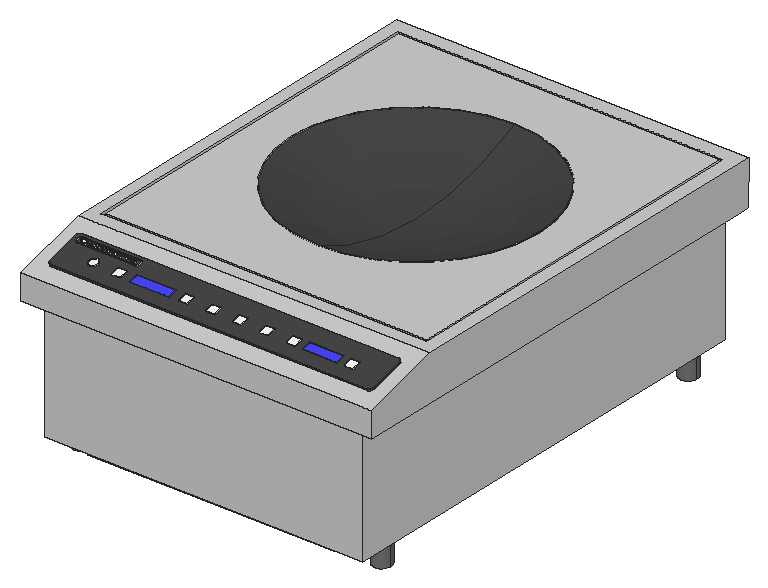
Revit family "QF_ADVENTYS_BTWIC_7000_250902083931", category Specialty Equipment, Revit 2021
Family settings
  Round Connector Dimension = Use Diameter
  Part Type = Normal
  OmniClass Number = 23.40.40.14
  OmniClass Title = Food Service Equipment
  Work Plane-Based = No
  Always vertical = Yes
  Cut with Voids When Loaded = No
  Shared = No
  Room Calculation Point = No
Parameters (values of type "ADV2150")
  Weight in Pounds [instance] = 0
  Weight = 10.00 kg
  Warranty Start Date [instance] = ""
  Warranty Duration [instance] = ""
  Volts [instance] = 440 V
  URL Recommended Spares List = ""
  URL Manufacturer = ""
  URL Cutsheet = ""
  URL Critical Spares List = ""
  URL = "www.adventys.com"
  Tag Number [instance] = ""
  Status [instance] = ""
  Specification by User [instance] = ""
  Specification by Manufacturer [instance] = ""
  Sound Level [instance] = ""
  Solid Fuel Type [instance] = ""
  Service Life Duration [instance] = ""
  Serial Number [instance] = ""
  Seismic Rating [instance] = ""
  SMACNA No [instance] = ""
  Revision Code [instance] = ""
  Revision [instance] = ""
  Production Year [instance] = ""
  Point Load [instance] = 0
  Phase [instance] = 1
  Other Equipment Approvals [instance] = ""
  Number of Poles [instance] = 1
  NAFEM Spec ID Number [instance] = ""
  Model Warning [instance] = ""
  Model = "BTWIC 7000"
  Min Ckt Ampacity [instance] = 0 A
  Max Overcurrent Protection [instance] = 25 A
  Masterspec [instance] = ""
  Manufacturer = "ADVENTYS"
  Length Actual = 392 mm
  Item Number [instance] = ""
  Installed By [instance] = ""
  Installation Date [instance] = ""
  Identify Quantity as Lot [instance] = no
  ID [instance] = ""
  Hygiene Approval [instance] = ""
  Hot Water Consumption = 0.0 L/s
  Height Actual = 206 mm
  HP power [instance] = ""
  Furnished By [instance] = ""
  Foodservice Equipment Identifier [instance] = no
  FL Amps [instance] = 16 A
  Electrical Remarks [instance] = "Plug not included"
  Electric power [instance] = 0 W
  Electric Connection Type [instance] = "Cord&Plug"
  Elec Conn RI Height [instance] = 0 mm
  Elec Conn Connection Height [instance] = 0 mm
  ETL Approved [instance] = no
  Description = "2.0 VERSION THREE-PHASE INDUCTION WOK"
  Depth Actual = 526 mm
  Default Elevation = 0 mm
  Cycle [instance] = 60 Hz
  Cost = 0
  Conn Plug [instance] = ""
  Conn Conduit [instance] = no
  CSI MasterFormat [instance] = ""
  CE Approved [instance] = no
  Barcode [instance] = 0
  Author [instance] = ""
  Asset Identifier [instance] = ""
  Apparent Power [instance] = 7000 VA
  Accessory = no
Reference planes
  plane 1 "Center (Front/Back)": y = 0
  plane 2: z = 0
  plane 3 "Center (Left/Right)": x = 0
Forms (mm)
  Extrusion 1, solid, not visible
    sketch origin (330.016, -72.004, 18.001) x (1, 0, 0) y (0, 1, 0)
      loop
        line (-2, 2) -> (-2, -2) -> (2, -2) -> (2, 2) -> (-2, 2)
    from -2 to 2
Dimensions and locks
  locked: nested 2 to Extrusion 1 at 2  (x2)
  aligned and locked: level to plane 2
Nested families
  nested 1: "QF_ADVENTYS_ADV2150_2916" at (0, 0, 0), type "ADV2150"
    with Status "", Show Logo yes, Show Clearance yes
  nested 2: "CONN_POINT_ELE_2D___Generic_Annotation" at (330.016, -72.004, 16.001), type "CONN_POINT_ELE_2D___Generic_Annotation"
    with Onboard connection annotation symbol visibility yes
Connectors
  electrical at (330.016, -72.004, 16.001), driven by "Apparent Power", driven by "Number of Poles", driven by "Volts"
    settings: on Extrusion 1, index 1, voltage 440 V, apparent load 0 VA, apparent load phase1 7000 VA, apparent load phase2 0 VA, apparent load phase3 0 VA, power factor 1, load classification "Other", number of poles 1, system type 31, power factor state 1, is connector primary yes, connector utility no, sub classification motor no, connector description "Electrical connection for BTWIC 7000"
Definition of nested family "QF_ADVENTYS_ADV2150_2916"
  Parameters (values of type "ADV2150")
    URL = "www.adventys.com"
    Status [instance] = ""
    Show Logo [instance] = yes
    Show Clearance [instance] = yes
    Model = "BTWIC 7000"
    Manufacturer = "ADVENTYS"
    Description = "2.0 VERSION THREE-PHASE INDUCTION WOK"
    Default Elevation = 0 mm
    Author = "SPECIFI"
    Assembly Code = "E1090320"
  Reference planes
    plane 1 "Back": y = 0
    plane 2: z = 0
    plane 3 "Left": x = 0
    plane 4 "Right": x = 392
    plane 5 "Front": y = -526
    plane 6 "Top": z = 206
  Forms (mm)
    Extrusion 1, solid
      sketch origin (0, -550, 28.399) x (0, 1, 0) y (0, 0, 1)
        loop
          line (105.13, 177.601) -> (24, 155.863) -> (24, 127.601) -> (539.79, 127.601) -> (550, 127.601) -> (550, 177.601) -> (105.13, 177.601)
      from 0 to 392
    Extrusion 2, void
      sketch origin (0, 550, 28.399) x (1, 0, 0) y (0, 1, 0)
        loop
          circle (195, -768.023) r 137.862
        loop
          line (13.2, -565.546) -> (13.2, -980.546) -> (377.593, -980.546) -> (377.593, -565.546) -> (13.2, -565.546)
        loop
          line (16.2, -568.546) -> (16.2, -977.546) -> (374.593, -977.546) -> (374.593, -568.546) -> (16.2, -568.546)
      from 139.493 to 177.601
    Revolve 3, solid
      sketch origin (195, -40.523, 96) x (0, 1, 0) y (0, 0, 1)
        loop
          line (-177.5, 76) -> (-177.5, 75)
          arc (-177.5, 75) -> (-106.519, 83.592) -> (-39.638, 108.871) r 297.5
          line (-39.638, 108.871) -> (-39.638, 110)
          arc (-39.638, 110) -> (-106.504, 84.625) -> (-177.5, 76) r 296.5
        axis (-177.5, 110) -> (-177.5, 75)
      angle from 0 to 360
    Extrusion 4, solid
      sketch origin (41, -114.666, 146.434) x (1, 0, 0) y (0, 0.965926, 0.258819)
        loop
          arc (-21, -323.032) -> (-24.536, -324.496) -> (-26, -328.032) r 5
          line (-26, -328.032) -> (-26, -363.032)
          arc (-26, -363.032) -> (-24.536, -366.568) -> (-21, -368.032) r 5
          line (-21, -368.032) -> (331, -368.032)
          arc (331, -368.032) -> (334.536, -366.568) -> (336, -363.032) r 5
          line (336, -363.032) -> (336, -328.032)
          arc (336, -328.032) -> (334.536, -324.496) -> (331, -323.032) r 5
          line (331, -323.032) -> (-21, -323.032)
        loop
          circle (10.799, -348.029) r 5
        loop
          line (34.385, -344.032) -> (34.385, -352.032)
          arc (34.385, -352.032) -> (34.678, -352.739) -> (35.385, -353.032) r 1
          line (35.385, -353.032) -> (43.385, -353.032)
          arc (43.385, -353.032) -> (44.092, -352.739) -> (44.385, -352.032) r 1
          line (44.385, -352.032) -> (44.385, -344.032)
          arc (44.385, -344.032) -> (44.092, -343.325) -> (43.385, -343.032) r 1
          line (43.385, -343.032) -> (35.385, -343.032)
          arc (35.385, -343.032) -> (34.678, -343.325) -> (34.385, -344.032) r 1
        loop
          line (109.385, -344.032) -> (109.385, -352.032)
          arc (109.385, -352.032) -> (109.678, -352.739) -> (110.385, -353.032) r 1
          line (110.385, -353.032) -> (118.385, -353.032)
          arc (118.385, -353.032) -> (119.092, -352.739) -> (119.385, -352.032) r 1
          line (119.385, -352.032) -> (119.385, -344.032)
          arc (119.385, -344.032) -> (119.092, -343.325) -> (118.385, -343.032) r 1
          line (118.385, -343.032) -> (110.385, -343.032)
          arc (110.385, -343.032) -> (109.678, -343.325) -> (109.385, -344.032) r 1
        loop
          line (139.385, -344.032) -> (139.385, -352.032)
          arc (139.385, -352.032) -> (139.678, -352.739) -> (140.385, -353.032) r 1
          line (140.385, -353.032) -> (148.385, -353.032)
          arc (148.385, -353.032) -> (149.092, -352.739) -> (149.385, -352.032) r 1
          line (149.385, -352.032) -> (149.385, -344.032)
          arc (149.385, -344.032) -> (149.092, -343.325) -> (148.385, -343.032) r 1
          line (148.385, -343.032) -> (140.385, -343.032)
          arc (140.385, -343.032) -> (139.678, -343.325) -> (139.385, -344.032) r 1
        loop
          line (169.385, -344.032) -> (169.385, -352.032)
          arc (169.385, -352.032) -> (169.678, -352.739) -> (170.385, -353.032) r 1
          line (170.385, -353.032) -> (178.385, -353.032)
          arc (178.385, -353.032) -> (179.092, -352.739) -> (179.385, -352.032) r 1
          line (179.385, -352.032) -> (179.385, -344.032)
          arc (179.385, -344.032) -> (179.092, -343.325) -> (178.385, -343.032) r 1
          line (178.385, -343.032) -> (170.385, -343.032)
          arc (170.385, -343.032) -> (169.678, -343.325) -> (169.385, -344.032) r 1
        loop
          line (199.385, -344.032) -> (199.385, -352.032)
          arc (199.385, -352.032) -> (199.678, -352.739) -> (200.385, -353.032) r 1
          line (200.385, -353.032) -> (208.385, -353.032)
          arc (208.385, -353.032) -> (209.092, -352.739) -> (209.385, -352.032) r 1
          line (209.385, -352.032) -> (209.385, -344.032)
          arc (209.385, -344.032) -> (209.092, -343.325) -> (208.385, -343.032) r 1
          line (208.385, -343.032) -> (200.385, -343.032)
          arc (200.385, -343.032) -> (199.678, -343.325) -> (199.385, -344.032) r 1
        loop
          line (229.385, -344.032) -> (229.385, -352.032)
          arc (229.385, -352.032) -> (229.678, -352.739) -> (230.385, -353.032) r 1
          line (230.385, -353.032) -> (238.385, -353.032)
          arc (238.385, -353.032) -> (239.092, -352.739) -> (239.385, -352.032) r 1
          line (239.385, -352.032) -> (239.385, -344.032)
          arc (239.385, -344.032) -> (239.092, -343.325) -> (238.385, -343.032) r 1
          line (238.385, -343.032) -> (230.385, -343.032)
          arc (230.385, -343.032) -> (229.678, -343.325) -> (229.385, -344.032) r 1
        loop
          line (294.385, -344.032) -> (294.385, -352.032)
          arc (294.385, -352.032) -> (294.678, -352.739) -> (295.385, -353.032) r 1
          line (295.385, -353.032) -> (303.385, -353.032)
          arc (303.385, -353.032) -> (304.092, -352.739) -> (304.385, -352.032) r 1
          line (304.385, -352.032) -> (304.385, -344.032)
          arc (304.385, -344.032) -> (304.092, -343.325) -> (303.385, -343.032) r 1
          line (303.385, -343.032) -> (295.385, -343.032)
          arc (295.385, -343.032) -> (294.678, -343.325) -> (294.385, -344.032) r 1
        loop
          line (247.896, -343.032) -> (247.896, -353.032) -> (285.857, -353.032) -> (285.857, -343.032) -> (247.896, -343.032)
        loop
          line (55.396, -343.032) -> (55.396, -353.032) -> (98.982, -353.032) -> (98.982, -343.032) -> (55.396, -343.032)
      from 143 to 145
    Extrusion 5, solid
      sketch origin (41, -114.666, 146.434) x (1, 0, 0) y (0, 0.965926, 0.258819)
        loop
          circle (10.635, -348.032) r 5
        loop
          arc (35.385, -343.032) -> (34.678, -343.325) -> (34.385, -344.032) r 1
          line (34.385, -344.032) -> (34.385, -352.032)
          arc (34.385, -352.032) -> (34.678, -352.739) -> (35.385, -353.032) r 1
          line (35.385, -353.032) -> (43.385, -353.032)
          arc (43.385, -353.032) -> (44.092, -352.739) -> (44.385, -352.032) r 1
          line (44.385, -352.032) -> (44.385, -344.032)
          arc (44.385, -344.032) -> (44.092, -343.325) -> (43.385, -343.032) r 1
          line (43.385, -343.032) -> (35.385, -343.032)
        loop
          arc (110.385, -343.032) -> (109.678, -343.325) -> (109.385, -344.032) r 1
          line (109.385, -344.032) -> (109.385, -352.032)
          arc (109.385, -352.032) -> (109.678, -352.739) -> (110.385, -353.032) r 1
          line (110.385, -353.032) -> (118.385, -353.032)
          arc (118.385, -353.032) -> (119.092, -352.739) -> (119.385, -352.032) r 1
          line (119.385, -352.032) -> (119.385, -344.032)
          arc (119.385, -344.032) -> (119.092, -343.325) -> (118.385, -343.032) r 1
          line (118.385, -343.032) -> (110.385, -343.032)
        loop
          arc (140.385, -343.032) -> (139.678, -343.325) -> (139.385, -344.032) r 1
          line (139.385, -344.032) -> (139.385, -352.032)
          arc (139.385, -352.032) -> (139.678, -352.739) -> (140.385, -353.032) r 1
          line (140.385, -353.032) -> (148.385, -353.032)
          arc (148.385, -353.032) -> (149.092, -352.739) -> (149.385, -352.032) r 1
          line (149.385, -352.032) -> (149.385, -344.032)
          arc (149.385, -344.032) -> (149.092, -343.325) -> (148.385, -343.032) r 1
          line (148.385, -343.032) -> (140.385, -343.032)
        loop
          arc (170.385, -343.032) -> (169.678, -343.325) -> (169.385, -344.032) r 1
          line (169.385, -344.032) -> (169.385, -352.032)
          arc (169.385, -352.032) -> (169.678, -352.739) -> (170.385, -353.032) r 1
          line (170.385, -353.032) -> (178.385, -353.032)
          arc (178.385, -353.032) -> (179.092, -352.739) -> (179.385, -352.032) r 1
          line (179.385, -352.032) -> (179.385, -344.032)
          arc (179.385, -344.032) -> (179.092, -343.325) -> (178.385, -343.032) r 1
          line (178.385, -343.032) -> (170.385, -343.032)
        loop
          arc (200.385, -343.032) -> (199.678, -343.325) -> (199.385, -344.032) r 1
          line (199.385, -344.032) -> (199.385, -352.032)
          arc (199.385, -352.032) -> (199.678, -352.739) -> (200.385, -353.032) r 1
          line (200.385, -353.032) -> (208.385, -353.032)
          arc (208.385, -353.032) -> (209.092, -352.739) -> (209.385, -352.032) r 1
          line (209.385, -352.032) -> (209.385, -344.032)
          arc (209.385, -344.032) -> (209.092, -343.325) -> (208.385, -343.032) r 1
          line (208.385, -343.032) -> (200.385, -343.032)
        loop
          arc (230.385, -343.032) -> (229.678, -343.325) -> (229.385, -344.032) r 1
          line (229.385, -344.032) -> (229.385, -352.032)
          arc (229.385, -352.032) -> (229.678, -352.739) -> (230.385, -353.032) r 1
          line (230.385, -353.032) -> (238.385, -353.032)
          arc (238.385, -353.032) -> (239.092, -352.739) -> (239.385, -352.032) r 1
          line (239.385, -352.032) -> (239.385, -344.032)
          arc (239.385, -344.032) -> (239.092, -343.325) -> (238.385, -343.032) r 1
          line (238.385, -343.032) -> (230.385, -343.032)
        loop
          arc (295.385, -343.032) -> (294.678, -343.325) -> (294.385, -344.032) r 1
          line (294.385, -344.032) -> (294.385, -352.032)
          arc (294.385, -352.032) -> (294.678, -352.739) -> (295.385, -353.032) r 1
          line (295.385, -353.032) -> (303.385, -353.032)
          arc (303.385, -353.032) -> (304.092, -352.739) -> (304.385, -352.032) r 1
          line (304.385, -352.032) -> (304.385, -344.032)
          arc (304.385, -344.032) -> (304.092, -343.325) -> (303.385, -343.032) r 1
          line (303.385, -343.032) -> (295.385, -343.032)
      from 143 to 145
    Extrusion 6, solid, visible <- "Show Logo"
      sketch origin (-63.557, -15.93, 139.999) x (1, 0, 0) y (0, 0.965926, 0.258819)
        loop
          arc (88.581, -421.313) -> (88.113, -421.507) -> (87.92, -421.974) r 0.661
          line (87.92, -421.974) -> (87.92, -423.61)
          arc (87.92, -423.61) -> (88.124, -424.087) -> (88.609, -424.27) r 0.661
          line (88.609, -424.27) -> (88.609, -423.032)
          arc (88.609, -423.032) -> (88.952, -422.351) -> (89.662, -422.077) r 1.058
          line (89.662, -422.077) -> (92.486, -422.077)
          arc (92.486, -422.077) -> (92.335, -421.544) -> (91.833, -421.313) r 0.661
          line (91.833, -421.313) -> (88.581, -421.313)
        loop
          arc (88.581, -420.916) -> (87.833, -421.226) -> (87.523, -421.974) r 1.058
          line (87.523, -421.974) -> (87.523, -423.61)
          arc (87.523, -423.61) -> (87.843, -424.368) -> (88.609, -424.667) r 1.058
          arc (88.609, -424.667) -> (88.88, -425.483) -> (89.667, -425.828) r 1.058
          arc (89.667, -425.828) -> (89.974, -426.583) -> (90.725, -426.896) r 1.058
          line (90.725, -426.896) -> (93.719, -426.896)
          arc (93.719, -426.896) -> (94.467, -426.586) -> (94.777, -425.838) r 1.058
          line (94.777, -425.838) -> (94.777, -424.306)
          arc (94.777, -424.306) -> (94.463, -423.554) -> (93.708, -423.248) r 1.058
          arc (93.708, -423.248) -> (93.515, -422.517) -> (92.883, -422.101) r 1.058
          arc (92.883, -422.101) -> (92.625, -421.273) -> (91.833, -420.916) r 1.058
          line (91.833, -420.916) -> (88.581, -420.916)
        loop
          arc (93.719, -426.499) -> (94.187, -426.306) -> (94.38, -425.838) r 0.661
          line (94.38, -425.838) -> (94.38, -424.306)
          arc (94.38, -424.306) -> (94.185, -423.837) -> (93.714, -423.645) r 0.661
          line (93.714, -423.645) -> (93.714, -424.77)
          arc (93.714, -424.77) -> (93.404, -425.518) -> (92.656, -425.828) r 1.058
          line (92.656, -425.828) -> (90.064, -425.828)
          arc (90.064, -425.828) -> (90.254, -426.302) -> (90.725, -426.499) r 0.661
          line (90.725, -426.499) -> (93.719, -426.499)
        loop
          arc (95.546, -425.156) -> (95.587, -425.684) -> (96.116, -425.67) r 0.384
          line (96.116, -425.67) -> (96.845, -424.94) -> (99.743, -424.94) -> (100.472, -425.67)
          arc (100.472, -425.67) -> (101.001, -425.684) -> (101.042, -425.156) r 0.384
          line (101.042, -425.156) -> (98.294, -421.762) -> (95.546, -425.156)
        loop
          line (98.294, -423.127) -> (97.364, -424.275) -> (99.224, -424.275) -> (98.294, -423.127)
        loop
          line (102.315, -421.827) -> (102.315, -425.732) -> (105.995, -425.732)
          arc (105.995, -425.732) -> (107.947, -423.78) -> (105.995, -421.827) r 1.953
          line (105.995, -421.827) -> (102.315, -421.827)
        loop
          line (105.995, -422.854) -> (103.343, -422.854) -> (103.343, -424.705) -> (105.995, -424.705)
          arc (105.995, -424.705) -> (106.92, -423.78) -> (105.995, -422.854) r 0.925
        loop
          arc (109.84, -422.053) -> (109.312, -422.039) -> (109.27, -422.566) r 0.384
          line (109.27, -422.566) -> (112.019, -425.961) -> (114.767, -422.566)
          arc (114.767, -422.566) -> (114.725, -422.039) -> (114.197, -422.053) r 0.384
          line (114.197, -422.053) -> (112.019, -424.743) -> (109.84, -422.053)
        loop
          line (121.269, -421.781) -> (116.07, -421.781) -> (116.07, -425.732) -> (121.269, -425.732)
          arc (121.269, -425.732) -> (121.671, -425.331) -> (121.269, -424.93) r 0.401
          line (121.269, -424.93) -> (116.972, -424.93) -> (116.972, -424.139) -> (121.269, -424.139)
          arc (121.269, -424.139) -> (121.633, -423.775) -> (121.269, -423.412) r 0.363
          line (121.269, -423.412) -> (116.972, -423.412) -> (116.972, -422.583) -> (121.269, -422.583)
          arc (121.269, -422.583) -> (121.671, -422.182) -> (121.269, -421.781) r 0.401
        loop
          line (122.879, -422.331) -> (122.879, -425.274)
          arc (122.879, -425.274) -> (123.306, -425.701) -> (123.733, -425.274) r 0.427
          line (123.733, -425.274) -> (123.733, -423.122) -> (127.538, -425.5)
          arc (127.538, -425.5) -> (128.155, -425.516) -> (128.468, -424.984) r 0.608
          line (128.468, -424.984) -> (128.468, -422.254)
          arc (128.468, -422.254) -> (128.018, -421.804) -> (127.568, -422.254) r 0.45
          line (127.568, -422.254) -> (127.568, -424.337) -> (123.663, -421.897)
          arc (123.663, -421.897) -> (123.143, -421.883) -> (122.879, -422.331) r 0.513
        loop
          arc (130.273, -421.857) -> (129.778, -422.352) -> (130.273, -422.846) r 0.494
          line (130.273, -422.846) -> (132.065, -422.846) -> (132.065, -425.082)
          arc (132.065, -425.082) -> (132.54, -425.558) -> (133.016, -425.082) r 0.475
          line (133.016, -425.082) -> (133.016, -422.846) -> (134.724, -422.846)
          arc (134.724, -422.846) -> (135.218, -422.352) -> (134.724, -421.857) r 0.494
          line (134.724, -421.857) -> (130.273, -421.857)
        loop
          line (139.461, -423.175) -> (137.5, -421.853)
          arc (137.5, -421.853) -> (136.836, -421.982) -> (136.965, -422.646) r 0.479
          line (136.965, -422.646) -> (138.926, -423.969) -> (138.926, -425.108)
          arc (138.926, -425.108) -> (139.461, -425.643) -> (139.997, -425.108) r 0.535
          line (139.997, -425.108) -> (139.997, -423.969) -> (141.958, -422.646)
          arc (141.958, -422.646) -> (142.087, -421.982) -> (141.423, -421.853) r 0.479
          line (141.423, -421.853) -> (139.461, -423.175)
        loop
          line (148.501, -421.857) -> (144.795, -421.857)
          arc (144.795, -421.857) -> (143.661, -422.991) -> (144.795, -424.125) r 1.134
          line (144.795, -424.125) -> (147.852, -424.125)
          arc (147.852, -424.125) -> (148.265, -424.538) -> (147.852, -424.951) r 0.413
          line (147.852, -424.951) -> (144.128, -424.951)
          arc (144.128, -424.951) -> (143.786, -425.292) -> (144.128, -425.634) r 0.342
          line (144.128, -425.634) -> (148.218, -425.634)
          arc (148.218, -425.634) -> (148.994, -424.394) -> (147.885, -423.44) r 1.122
          line (147.885, -423.44) -> (144.736, -423.44)
          arc (144.736, -423.44) -> (144.286, -422.99) -> (144.736, -422.541) r 0.45
          line (144.736, -422.541) -> (148.501, -422.541)
          arc (148.501, -422.541) -> (148.843, -422.199) -> (148.501, -421.857) r 0.342
        loop
          arc (87.442, -420.162) -> (83.674, -423.931) -> (87.442, -427.699) r 3.769
          line (87.442, -427.699) -> (150.103, -427.699)
          arc (150.103, -427.699) -> (153.872, -423.931) -> (150.103, -420.162) r 3.769
          line (150.103, -420.162) -> (87.442, -420.162)
        loop
          arc (87.442, -419.771) -> (83.283, -423.931) -> (87.442, -428.091) r 4.16
          line (87.442, -428.091) -> (150.103, -428.091)
          arc (150.103, -428.091) -> (154.263, -423.931) -> (150.103, -419.771) r 4.16
          line (150.103, -419.771) -> (87.442, -419.771)
      from 176.77 to 176.97
    Extrusion 7, solid
      sketch origin (61, -114.666, 146.434) x (1, 0, 0) y (0, 0.965926, 0.258819)
        loop
          line (35.396, -343.032) -> (35.396, -353.032) -> (78.982, -353.032) -> (78.982, -343.032) -> (35.396, -343.032)
        loop
          line (227.896, -343.032) -> (227.896, -353.032) -> (265.857, -353.032) -> (265.857, -343.032) -> (227.896, -343.032)
      from 143 to 145
    Extrusion 8, void
      sketch origin (0, 0, 0) x (1, 0, 0) y (0, 1, 0)
        loop
          line (392, 0) -> (0, 0) -> (0, -526) -> (392, -526) -> (392, 0)
      from 0 to 156
    Extrusion 9, solid
      sketch origin (328.715, -68.75, 0) x (1, 0, 0) y (0, 1, 0)
        loop
          circle (35.053, -407.215) r 10
      from 0 to 21.787
    Extrusion 10, solid
      sketch origin (328.715, 358.75, 0) x (1, 0, 0) y (0, 1, 0)
        loop
          circle (35.053, -407.215) r 10
      from 0 to 21.787
    Extrusion 11, solid
      sketch origin (2.465, 0, 0) x (0, 1, 0) y (0, 0, 1)
        loop
          line (-341, 21.787) -> (-502.47, 21.787) -> (-502.47, 11.787) -> (-341, 11.787) -> (-341, 21.787)
      from 53.604 to 328.859
    Extrusion 12, solid
      sketch origin (279.893, -13.777, 0) x (1, 0, 0) y (0, 1, 0)
        loop
          circle (50.572, -58.223) r 15
      from 15.423 to 21.787
    Extrusion 13, solid
      sketch origin (2.404, 0, 0) x (1, 0, 0) y (0, 1, 0)
        loop
          line (15.828, -10.21) -> (15.828, -515) -> (371.364, -515) -> (371.364, -10.21) -> (15.828, -10.21)
      from 21.787 to 156
    Extrusion 14, solid
      sketch origin (63.285, -68.75, 0) x (-1, 0, 0) y (0, -1, 0)
        loop
          circle (35.053, 407.215) r 10
      from 0 to 21.787
    Extrusion 15, solid
      sketch origin (63.285, 358.75, 0) x (-1, 0, 0) y (0, -1, 0)
        loop
          circle (35.053, 407.215) r 10
      from 0 to 21.787
  Cuts and joins
    Extrusion 2 cuts Extrusion 1
  Lines and regions (mm)
    symbolic lines
      curve 1: line (0, 0, 0) -> (392, 0, 0)
      curve 2: line (392, 0, 0) -> (392, -526, 0)
      curve 3: line (392, -526, 0) -> (0, -526, 0)
      curve 4: line (0, -526, 0) -> (0, 0, 0)
      curve 5: line (0, -444.87, 0) -> (392, -444.87, 0)
      curve 6: line (13.2, -430.546, 0) -> (377.593, -430.546, 0)
      curve 7: line (374.593, -427.546, 0) -> (16.2, -427.546, 0)
      curve 8: line (377.593, -430.546, 0) -> (377.593, -15.546, 0)
      curve 9: line (374.593, -18.546, 0) -> (374.593, -427.546, 0)
      curve 10: line (377.593, -15.546, 0) -> (13.2, -15.546, 0)
      curve 11: line (16.2, -18.546, 0) -> (374.593, -18.546, 0)
      curve 12: line (16.2, -427.546, 0) -> (16.2, -18.546, 0)
      curve 13: line (13.2, -15.546, 0) -> (13.2, -430.546, 0)
      curve 14: arc (195, -80.161, 0) -> (57.138, -218.023, 0) -> (195, -355.885, 0) r 137.862
      curve 15: arc (195, -355.885, 0) -> (332.862, -218.023, 0) -> (195, -80.161, 0) r 137.862
      curve 16: spline (20, -464.219, 0) -> (19.347, -464.261, 0) -> (18.706, -464.384, 0) -> (18.087, -464.587, 0) -> (17.5, -464.866, 0) -> (16.956, -465.217, 0) -> (16.464, -465.634, 0) -> (16.033, -466.109, 0) -> (15.67, -466.634, 0) -> (15.381, -467.201, 0) -> (15.17, -467.799, 0) -> (15.043, -468.419, 0) -> (15, -469.049, 0)
      curve 17: line (372, -464.219, 0) -> (20, -464.219, 0)
      curve 18: line (15, -469.049, 0) -> (15, -502.856, 0)
      curve 19: spline (15, -502.856, 0) -> (15.043, -503.487, 0) -> (15.17, -504.106, 0) -> (15.381, -504.705, 0) -> (15.67, -505.271, 0) -> (16.033, -505.796, 0) -> (16.464, -506.271, 0) -> (16.956, -506.688, 0) -> (17.5, -507.039, 0) -> (18.087, -507.318, 0) -> (18.706, -507.521, 0) -> (19.347, -507.645, 0) -> (20, -507.686, 0)
      curve 20: line (20, -507.686, 0) -> (372, -507.686, 0)
      curve 21: spline (372, -507.686, 0) -> (372.653, -507.645, 0) -> (373.294, -507.521, 0) -> (373.913, -507.318, 0) -> (374.5, -507.039, 0) -> (375.044, -506.688, 0) -> (375.536, -506.271, 0) -> (375.967, -505.796, 0) -> (376.33, -505.271, 0) -> (376.619, -504.705, 0) -> (376.83, -504.106, 0) -> (376.957, -503.487, 0) -> (377, -502.856, 0)
      curve 22: line (377, -502.856, 0) -> (377, -469.049, 0)
      curve 23: spline (377, -469.049, 0) -> (376.957, -468.419, 0) -> (376.83, -467.799, 0) -> (376.619, -467.201, 0) -> (376.33, -466.634, 0) -> (375.967, -466.109, 0) -> (375.536, -465.634, 0) -> (375.044, -465.217, 0) -> (374.5, -464.866, 0) -> (373.913, -464.587, 0) -> (373.294, -464.384, 0) -> (372.653, -464.261, 0) -> (372, -464.219, 0)
      curve 24: line (345.385, -492.231, 0) -> (345.385, -484.504, 0)
      curve 25: spline (345.385, -484.504, 0) -> (345.376, -484.378, 0) -> (345.351, -484.254, 0) -> (345.309, -484.134, 0) -> (345.251, -484.021, 0) -> (345.178, -483.916, 0) -> (345.092, -483.821, 0) -> (344.993, -483.737, 0) -> (344.885, -483.667, 0) -> (344.767, -483.611, 0) -> (344.643, -483.571, 0) -> (344.515, -483.546, 0) -> (344.385, -483.538, 0)
      curve 26: line (344.385, -483.538, 0) -> (336.385, -483.538, 0)
      curve 27: spline (336.385, -483.538, 0) -> (336.254, -483.546, 0) -> (336.126, -483.571, 0) -> (336.002, -483.611, 0) -> (335.885, -483.667, 0) -> (335.776, -483.737, 0) -> (335.678, -483.821, 0) -> (335.591, -483.916, 0) -> (335.519, -484.021, 0) -> (335.461, -484.134, 0) -> (335.419, -484.254, 0) -> (335.393, -484.378, 0) -> (335.385, -484.504, 0)
      curve 28: line (335.385, -484.504, 0) -> (335.385, -492.231, 0)
      curve 29: spline (336.385, -493.197, 0) -> (336.254, -493.189, 0) -> (336.126, -493.164, 0) -> (336.002, -493.124, 0) -> (335.885, -493.068, 0) -> (335.776, -492.998, 0) -> (335.678, -492.914, 0) -> (335.591, -492.819, 0) -> (335.519, -492.714, 0) -> (335.461, -492.601, 0) -> (335.419, -492.481, 0) -> (335.393, -492.357, 0) -> (335.385, -492.231, 0)
      curve 30: line (336.385, -493.197, 0) -> (344.385, -493.197, 0)
      curve 31: spline (344.385, -493.197, 0) -> (344.515, -493.189, 0) -> (344.643, -493.164, 0) -> (344.767, -493.124, 0) -> (344.885, -493.068, 0) -> (344.993, -492.998, 0) -> (345.092, -492.914, 0) -> (345.178, -492.819, 0) -> (345.251, -492.714, 0) -> (345.309, -492.601, 0) -> (345.351, -492.481, 0) -> (345.376, -492.357, 0) -> (345.385, -492.231, 0)
      curve 32: line (326.857, -493.197, 0) -> (326.857, -483.538, 0)
      curve 33: line (326.857, -483.538, 0) -> (288.896, -483.538, 0)
      curve 34: line (288.896, -493.197, 0) -> (326.857, -493.197, 0)
      curve 35: line (288.896, -483.538, 0) -> (288.896, -493.197, 0)
      curve 36: spline (56.635, -488.368, 0) -> (56.464, -487.118, 0) -> (55.965, -485.953, 0) -> (55.17, -484.952, 0) -> (54.135, -484.185, 0) -> (52.929, -483.702, 0) -> (51.635, -483.538, 0) -> (50.341, -483.702, 0) -> (49.135, -484.185, 0) -> (48.099, -484.952, 0) -> (47.305, -485.953, 0) -> (46.805, -487.118, 0) -> (46.635, -488.368, 0)
      curve 37: spline (46.635, -488.368, 0) -> (46.805, -489.618, 0) -> (47.305, -490.782, 0) -> (48.099, -491.783, 0) -> (49.135, -492.55, 0) -> (50.341, -493.033, 0) -> (51.635, -493.197, 0) -> (52.929, -493.033, 0) -> (54.135, -492.55, 0) -> (55.17, -491.783, 0) -> (55.965, -490.782, 0) -> (56.464, -489.618, 0) -> (56.635, -488.368, 0)
      curve 38: line (139.982, -483.538, 0) -> (96.396, -483.538, 0)
      curve 39: line (96.396, -483.538, 0) -> (96.396, -493.197, 0)
      curve 40: line (96.396, -493.197, 0) -> (139.982, -493.197, 0)
      curve 41: line (139.982, -493.197, 0) -> (139.982, -483.538, 0)
      curve 42: line (280.385, -492.231, 0) -> (280.385, -484.504, 0)
      curve 43: spline (280.385, -484.504, 0) -> (280.376, -484.378, 0) -> (280.351, -484.254, 0) -> (280.309, -484.134, 0) -> (280.251, -484.021, 0) -> (280.178, -483.916, 0) -> (280.092, -483.821, 0) -> (279.993, -483.737, 0) -> (279.885, -483.667, 0) -> (279.767, -483.611, 0) -> (279.643, -483.571, 0) -> (279.515, -483.546, 0) -> (279.385, -483.538, 0)
      curve 44: line (279.385, -483.538, 0) -> (271.385, -483.538, 0)
      curve 45: spline (271.385, -483.538, 0) -> (271.254, -483.546, 0) -> (271.126, -483.571, 0) -> (271.002, -483.611, 0) -> (270.885, -483.667, 0) -> (270.776, -483.737, 0) -> (270.678, -483.821, 0) -> (270.591, -483.916, 0) -> (270.519, -484.021, 0) -> (270.461, -484.134, 0) -> (270.419, -484.254, 0) -> (270.393, -484.378, 0) -> (270.385, -484.504, 0)
      curve 46: line (270.385, -484.504, 0) -> (270.385, -492.231, 0)
      curve 47: spline (271.385, -493.197, 0) -> (271.254, -493.189, 0) -> (271.126, -493.164, 0) -> (271.002, -493.124, 0) -> (270.885, -493.068, 0) -> (270.776, -492.998, 0) -> (270.678, -492.914, 0) -> (270.591, -492.819, 0) -> (270.519, -492.714, 0) -> (270.461, -492.601, 0) -> (270.419, -492.481, 0) -> (270.393, -492.357, 0) -> (270.385, -492.231, 0)
      curve 48: line (271.385, -493.197, 0) -> (279.385, -493.197, 0)
      curve 49: spline (279.385, -493.197, 0) -> (279.515, -493.189, 0) -> (279.643, -493.164, 0) -> (279.767, -493.124, 0) -> (279.885, -493.068, 0) -> (279.993, -492.998, 0) -> (280.092, -492.914, 0) -> (280.178, -492.819, 0) -> (280.251, -492.714, 0) -> (280.309, -492.601, 0) -> (280.351, -492.481, 0) -> (280.376, -492.357, 0) -> (280.385, -492.231, 0)
      curve 50: line (250.385, -492.231, 0) -> (250.385, -484.504, 0)
      curve 51: spline (250.385, -484.504, 0) -> (250.376, -484.378, 0) -> (250.351, -484.254, 0) -> (250.309, -484.134, 0) -> (250.251, -484.021, 0) -> (250.178, -483.916, 0) -> (250.092, -483.821, 0) -> (249.993, -483.737, 0) -> (249.885, -483.667, 0) -> (249.767, -483.611, 0) -> (249.643, -483.571, 0) -> (249.515, -483.546, 0) -> (249.385, -483.538, 0)
      curve 52: line (249.385, -483.538, 0) -> (241.385, -483.538, 0)
      curve 53: spline (241.385, -483.538, 0) -> (241.254, -483.546, 0) -> (241.126, -483.571, 0) -> (241.002, -483.611, 0) -> (240.885, -483.667, 0) -> (240.776, -483.737, 0) -> (240.678, -483.821, 0) -> (240.591, -483.916, 0) -> (240.519, -484.021, 0) -> (240.461, -484.134, 0) -> (240.419, -484.254, 0) -> (240.393, -484.378, 0) -> (240.385, -484.504, 0)
      curve 54: line (240.385, -484.504, 0) -> (240.385, -492.231, 0)
      curve 55: spline (241.385, -493.197, 0) -> (241.254, -493.189, 0) -> (241.126, -493.164, 0) -> (241.002, -493.124, 0) -> (240.885, -493.068, 0) -> (240.776, -492.998, 0) -> (240.678, -492.914, 0) -> (240.591, -492.819, 0) -> (240.519, -492.714, 0) -> (240.461, -492.601, 0) -> (240.419, -492.481, 0) -> (240.393, -492.357, 0) -> (240.385, -492.231, 0)
      curve 56: line (241.385, -493.197, 0) -> (249.385, -493.197, 0)
      curve 57: spline (249.385, -493.197, 0) -> (249.515, -493.189, 0) -> (249.643, -493.164, 0) -> (249.767, -493.124, 0) -> (249.885, -493.068, 0) -> (249.993, -492.998, 0) -> (250.092, -492.914, 0) -> (250.178, -492.819, 0) -> (250.251, -492.714, 0) -> (250.309, -492.601, 0) -> (250.351, -492.481, 0) -> (250.376, -492.357, 0) -> (250.385, -492.231, 0)
      curve 58: line (220.385, -492.231, 0) -> (220.385, -484.504, 0)
      curve 59: spline (220.385, -484.504, 0) -> (220.376, -484.378, 0) -> (220.351, -484.254, 0) -> (220.309, -484.134, 0) -> (220.251, -484.021, 0) -> (220.178, -483.916, 0) -> (220.092, -483.821, 0) -> (219.993, -483.737, 0) -> (219.885, -483.667, 0) -> (219.767, -483.611, 0) -> (219.643, -483.571, 0) -> (219.515, -483.546, 0) -> (219.385, -483.538, 0)
      curve 60: line (219.385, -483.538, 0) -> (211.385, -483.538, 0)
      curve 61: spline (211.385, -483.538, 0) -> (211.254, -483.546, 0) -> (211.126, -483.571, 0) -> (211.002, -483.611, 0) -> (210.885, -483.667, 0) -> (210.776, -483.737, 0) -> (210.678, -483.821, 0) -> (210.591, -483.916, 0) -> (210.519, -484.021, 0) -> (210.461, -484.134, 0) -> (210.419, -484.254, 0) -> (210.393, -484.378, 0) -> (210.385, -484.504, 0)
      curve 62: line (210.385, -484.504, 0) -> (210.385, -492.231, 0)
      curve 63: spline (211.385, -493.197, 0) -> (211.254, -493.189, 0) -> (211.126, -493.164, 0) -> (211.002, -493.124, 0) -> (210.885, -493.068, 0) -> (210.776, -492.998, 0) -> (210.678, -492.914, 0) -> (210.591, -492.819, 0) -> (210.519, -492.714, 0) -> (210.461, -492.601, 0) -> (210.419, -492.481, 0) -> (210.393, -492.357, 0) -> (210.385, -492.231, 0)
      curve 64: line (211.385, -493.197, 0) -> (219.385, -493.197, 0)
      curve 65: spline (219.385, -493.197, 0) -> (219.515, -493.189, 0) -> (219.643, -493.164, 0) -> (219.767, -493.124, 0) -> (219.885, -493.068, 0) -> (219.993, -492.998, 0) -> (220.092, -492.914, 0) -> (220.178, -492.819, 0) -> (220.251, -492.714, 0) -> (220.309, -492.601, 0) -> (220.351, -492.481, 0) -> (220.376, -492.357, 0) -> (220.385, -492.231, 0)
      curve 66: line (190.385, -492.231, 0) -> (190.385, -484.504, 0)
      curve 67: spline (190.385, -484.504, 0) -> (190.376, -484.378, 0) -> (190.351, -484.254, 0) -> (190.309, -484.134, 0) -> (190.251, -484.021, 0) -> (190.178, -483.916, 0) -> (190.092, -483.821, 0) -> (189.993, -483.737, 0) -> (189.885, -483.667, 0) -> (189.767, -483.611, 0) -> (189.643, -483.571, 0) -> (189.515, -483.546, 0) -> (189.385, -483.538, 0)
      curve 68: line (189.385, -483.538, 0) -> (181.385, -483.538, 0)
      curve 69: spline (181.385, -483.538, 0) -> (181.254, -483.546, 0) -> (181.126, -483.571, 0) -> (181.002, -483.611, 0) -> (180.885, -483.667, 0) -> (180.776, -483.737, 0) -> (180.678, -483.821, 0) -> (180.591, -483.916, 0) -> (180.519, -484.021, 0) -> (180.461, -484.134, 0) -> (180.419, -484.254, 0) -> (180.393, -484.378, 0) -> (180.385, -484.504, 0)
      curve 70: line (180.385, -484.504, 0) -> (180.385, -492.231, 0)
      curve 71: spline (181.385, -493.197, 0) -> (181.254, -493.189, 0) -> (181.126, -493.164, 0) -> (181.002, -493.124, 0) -> (180.885, -493.068, 0) -> (180.776, -492.998, 0) -> (180.678, -492.914, 0) -> (180.591, -492.819, 0) -> (180.519, -492.714, 0) -> (180.461, -492.601, 0) -> (180.419, -492.481, 0) -> (180.393, -492.357, 0) -> (180.385, -492.231, 0)
      curve 72: line (181.385, -493.197, 0) -> (189.385, -493.197, 0)
      curve 73: spline (189.385, -493.197, 0) -> (189.515, -493.189, 0) -> (189.643, -493.164, 0) -> (189.767, -493.124, 0) -> (189.885, -493.068, 0) -> (189.993, -492.998, 0) -> (190.092, -492.914, 0) -> (190.178, -492.819, 0) -> (190.251, -492.714, 0) -> (190.309, -492.601, 0) -> (190.351, -492.481, 0) -> (190.376, -492.357, 0) -> (190.385, -492.231, 0)
      curve 74: line (160.385, -492.231, 0) -> (160.385, -484.504, 0)
      curve 75: spline (160.385, -484.504, 0) -> (160.376, -484.378, 0) -> (160.351, -484.254, 0) -> (160.309, -484.134, 0) -> (160.251, -484.021, 0) -> (160.178, -483.916, 0) -> (160.092, -483.821, 0) -> (159.993, -483.737, 0) -> (159.885, -483.667, 0) -> (159.767, -483.611, 0) -> (159.643, -483.571, 0) -> (159.515, -483.546, 0) -> (159.385, -483.538, 0)
      curve 76: line (159.385, -483.538, 0) -> (151.385, -483.538, 0)
      curve 77: spline (151.385, -483.538, 0) -> (151.254, -483.546, 0) -> (151.126, -483.571, 0) -> (151.002, -483.611, 0) -> (150.885, -483.667, 0) -> (150.776, -483.737, 0) -> (150.678, -483.821, 0) -> (150.591, -483.916, 0) -> (150.519, -484.021, 0) -> (150.461, -484.134, 0) -> (150.419, -484.254, 0) -> (150.393, -484.378, 0) -> (150.385, -484.504, 0)
      curve 78: line (150.385, -484.504, 0) -> (150.385, -492.231, 0)
      curve 79: spline (151.385, -493.197, 0) -> (151.254, -493.189, 0) -> (151.126, -493.164, 0) -> (151.002, -493.124, 0) -> (150.885, -493.068, 0) -> (150.776, -492.998, 0) -> (150.678, -492.914, 0) -> (150.591, -492.819, 0) -> (150.519, -492.714, 0) -> (150.461, -492.601, 0) -> (150.419, -492.481, 0) -> (150.393, -492.357, 0) -> (150.385, -492.231, 0)
      curve 80: line (151.385, -493.197, 0) -> (159.385, -493.197, 0)
      curve 81: spline (159.385, -493.197, 0) -> (159.515, -493.189, 0) -> (159.643, -493.164, 0) -> (159.767, -493.124, 0) -> (159.885, -493.068, 0) -> (159.993, -492.998, 0) -> (160.092, -492.914, 0) -> (160.178, -492.819, 0) -> (160.251, -492.714, 0) -> (160.309, -492.601, 0) -> (160.351, -492.481, 0) -> (160.376, -492.357, 0) -> (160.385, -492.231, 0)
      curve 82: line (85.385, -492.231, 0) -> (85.385, -484.504, 0)
      curve 83: spline (85.385, -484.504, 0) -> (85.376, -484.378, 0) -> (85.351, -484.254, 0) -> (85.309, -484.134, 0) -> (85.251, -484.021, 0) -> (85.178, -483.916, 0) -> (85.092, -483.821, 0) -> (84.993, -483.737, 0) -> (84.885, -483.667, 0) -> (84.767, -483.611, 0) -> (84.643, -483.571, 0) -> (84.515, -483.546, 0) -> (84.385, -483.538, 0)
      curve 84: line (84.385, -483.538, 0) -> (76.385, -483.538, 0)
      curve 85: spline (76.385, -483.538, 0) -> (76.254, -483.546, 0) -> (76.126, -483.571, 0) -> (76.002, -483.611, 0) -> (75.885, -483.667, 0) -> (75.776, -483.737, 0) -> (75.678, -483.821, 0) -> (75.591, -483.916, 0) -> (75.519, -484.021, 0) -> (75.461, -484.134, 0) -> (75.419, -484.254, 0) -> (75.393, -484.378, 0) -> (75.385, -484.504, 0)
      curve 86: line (75.385, -484.504, 0) -> (75.385, -492.231, 0)
      curve 87: spline (76.385, -493.197, 0) -> (76.254, -493.189, 0) -> (76.126, -493.164, 0) -> (76.002, -493.124, 0) -> (75.885, -493.068, 0) -> (75.776, -492.998, 0) -> (75.678, -492.914, 0) -> (75.591, -492.819, 0) -> (75.519, -492.714, 0) -> (75.461, -492.601, 0) -> (75.419, -492.481, 0) -> (75.393, -492.357, 0) -> (75.385, -492.231, 0)
      curve 88: line (76.385, -493.197, 0) -> (84.385, -493.197, 0)
      curve 89: spline (84.385, -493.197, 0) -> (84.515, -493.189, 0) -> (84.643, -493.164, 0) -> (84.767, -493.124, 0) -> (84.885, -493.068, 0) -> (84.993, -492.998, 0) -> (85.092, -492.914, 0) -> (85.178, -492.819, 0) -> (85.251, -492.714, 0) -> (85.309, -492.601, 0) -> (85.351, -492.481, 0) -> (85.376, -492.357, 0) -> (85.385, -492.231, 0)
  Dimensions and locks
    plane 3 "Left" to plane 4 "Right" = 392 mm
    plane 5 "Front" to plane 1 "Back" = 526 mm
    plane 6 "Top" to level = 206 mm
    aligned and locked: level to plane 2
Definition of nested family "CONN_POINT_ELE_2D___Generic_Annotation"
  Parameters (values of type "CONN_POINT_ELE_2D___Generic_Annotation")
    Onboard connection annotation symbol visibility [instance] = yes
  Reference planes
    plane 1: y = 0
    plane 2: x = 0
  Lines and regions (mm)
    detail lines, visible <- "Onboard connection annotation symbol visibility"
      curve 1: circle (0, 0, 0) r 0.5 normal (0, 0, 1)
      curve 2: line (-1, 0, 0) -> (1, 0, 0)
      curve 3: line (0, 1, 0) -> (0, -1, 0)
      curve 4: line (2.5, 1, 0) -> (1.25, 1, 0)
      curve 5: line (1.25, 1, 0) -> (1.25, -1, 0)
      curve 6: line (1.25, -1, 0) -> (2.5, -1, 0)
      curve 7: line (1.25, 0, 0) -> (2, 0, 0)
